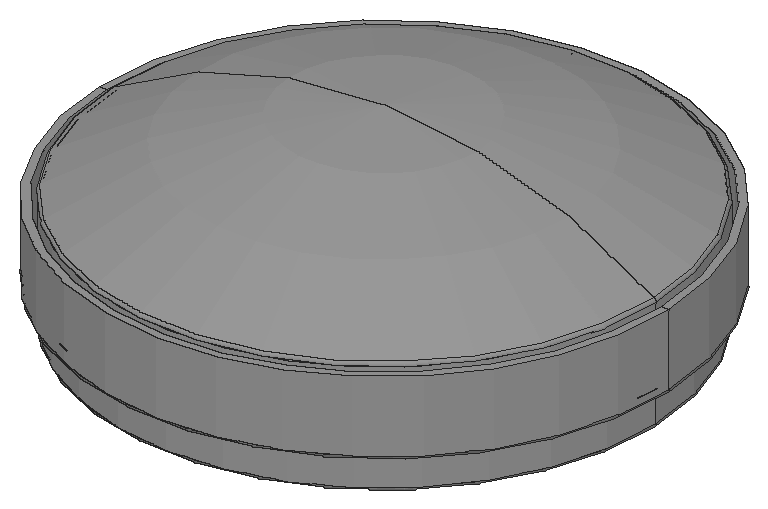
Revit family "3034766 Sylvania Lighting Fixture GIOTTO305 LED G2 4000K RECESSED 1-10V", category Lighting Fixtures, host Face, Revit 2016
Family settings
  Host = Face
  Part Type = Normal
  Round Connector Dimension = Use Diameter
  OmniClass Number = 23.80.70.00
  OmniClass Title = Lighting
  Cut with Voids When Loaded = No
  Light Source = Yes
  Shared = No
  Room Calculation Point = No
Parameters (values of type "3034766 GIOTTO305 LED G2 4000K RECESSED 1-10V")
  Weight = "1.11 kg"
  Wattage Comments = ""
  Wattage = 19 W
  WarrantyStartDate [instance] = "n/a"
  WarrantyGuarantorParts = "n/a"
  WarrantyDurationUnit = "n/a"
  WarrantyDurationParts = "n/a"
  WarrantyDescription = "n/a"
  built-in parameter 1150110 = 1 (stored number, unit not read)
  Voltage = 0 V
  URL = "http://www.sylvania-lighting.com"
  TypeName = "GIOTTO305 LED G2 4000K RECESSED 1-10V"
  Type Image = <None>
  Type Comments = "n/a"
  built-in parameter 1114217 = 1 (stored number, unit not read)
  Tilt Angle = -90.00°
  built-in parameter 1150109 = 1 (stored number, unit not read)
  built-in parameter 1150134 = 12
  built-in parameter 1150113 = 1 (stored number, unit not read)
  SerialNumber [instance] = "n/a"
  Photometric Web File = "3034766.ies"
  Material_3_SYL = LED-Sylvania
  PowerFactor = 0
  PowerConsumption = "19 W"
  NominalLength = 305 mm
  NominalHeight = 104 mm
  NominalDepth = 305 mm
  Name = "GIOTTO305 LED G2 4000K RECESSED 1-10V"
  ModelReference = Name  # "GIOTTO305 LED G2 4000K RECESSED 1-10V"
  ModelNumber = "3034766"
  Model = Name  # "GIOTTO305 LED G2 4000K RECESSED 1-10V"
  Material = "polycarbonate housing, polycarbonate diffuser"
  ManufacturerName = "Feilo Sylvania"
  Manufacturer = "Feilo Sylvania"
  LuminousEfficacy = "89 lm/W"
  built-in parameter 1150105 = 134.57 (stored number, unit not read)
  Lumens = 1691 lm
  LuminaireType = ""
  built-in parameter 1150115 = 1 (stored number, unit not read)
  LightOutputRatio = "n/a"
  built-in parameter 1150137 = (empty or 0)
  built-in parameter 1150139 = (empty or 0)
  LampsType = Lamp  # "LED"
  LampNominalLuminous = "1690 lm"
  LampMacAdamStep = "n/a"
  LampColourTemperature = "4000 K"
  LampColourRenderingIndex = "80"
  built-in parameter 1150112 = 1 (stored number, unit not read)
  built-in parameter 1150114 = 1 (stored number, unit not read)
  Lamp = "LED"
  Keynote = "16500"
  InstallationDate [instance] = "n/a"
  InputVoltage = "n/a"
  InputNominalFrequency = "n/a"
  built-in parameter 1150132 = (empty or 0)
  built-in parameter 1150102 = (empty or 0)
  built-in parameter 1150107 = 4000 (stored number, unit not read)
  built-in parameter 1150138 = (empty or 0)
  IngressProtection = "IP44"
  ImpactProtectionIndex = "IK10"
  built-in parameter 1150106 = 1.3457 (stored number, unit not read)
  IfcExportType = "IfcLightFixtureType"
  IfcExportAs = "IfcLightFixtureType"
  Height_SYL = 104 mm
  ExpectedLife = 50000
  Emit from Circle Diameter = 317 mm
  Emit Shape Visible in Rendering = no
  ElectricShockClassification = "Class I"
  built-in parameter 1150104 = 8.2684 (stored number, unit not read)
  DurationUnit = "hours"
  DocumentationLiterature = "http://www.sylvania-lighting.com/product/en-int/products/3034766"
  DimmingControlOptions = "n/a"
  Material_2_SYL = Polycarbonate_Sylvania_Giotto_Opal
  Dimming Lamp Color Temperature Shift = <None>
  DiffuserRadius_SYL = 282.611 mm
  Diameter_SYL = 305 mm
  Description = "Ambient and decorative round, recessed mounted LED bulkhead luminaire. White robust polycarbonate body with opal diffuser, 1690 lm, 19W, 89lm/W, 4000K, CRI 80, 1-10V dimmable, 50,000 hours lumen maintenance. Drive current: 700mA, IP44, IK10, Class I, 220-240V, Energy class: A++, A+, A."
  Default Elevation = 1219.2 mm
  CreatedOn = "11/7/2018"
  CreatedBy = "@sylvania-lighting.com"
  Cost = 0
  Color Filter = 16777215
  built-in parameter 1114216 [instance] = (empty or 0)
  ClassificationValue = "EF_70_80"
  ClassificationName = "Uniclass2015"
  Material_1_SYL = Polycarbonate_Sylvania_Giotto_White
  BarCode [instance] = "n/a"
  built-in parameter 1114218 = 1 (stored number, unit not read)
  built-in parameter 1150133 = 10 (stored number, unit not read)
  AssetType = "Fixed"
  AssetIdentifier [instance] = "n/a"
  Assembly Code = "D5020200"
  Apparent Load = 19 VA
  Material_4_SYL = none
Reference planes
  plane 1 "Center (Front/Back)": y = 0
  plane 2: z = 0
  plane 3 "Center (Left/Right)": x = 0
  plane 4: x = 152.5
  plane 5: x = -152.5
  plane 6: x = -145.5
  plane 7: x = -148.5
  plane 8: z = 104
  plane 9: z = 59
  plane 10: z = 19
  plane 11: z = 24
  plane 12: x = -150.9
  plane 13: z = 20.6
  plane 14: z = 1.6
  plane 15: x = -143.9
  plane 16: z = 18
  plane 17: x = -146.5
  plane 18: z = 25
  plane 19: z = 61
Forms (mm)
  Revolve 1, solid, material "Polycarbonate_Sylvania_Giotto_White" <- "Material_1_SYL"
    sketch origin (0, 0, 0) x (1, 0, 0) y (0, 0, 1)
      loop
        line (0, 0) -> (0, 25) -> (-143.9, 25) -> (-143.9, 24) -> (-148.5, 24) -> (-148.5, 59) -> (-152.5, 59) -> (-152.5, 20.6)
        arc (-152.5, 20.6) -> (-152.031, 19.469) -> (-150.9, 19) r 1.6
        line (-150.9, 19) -> (-146.5, 19)
        arc (-146.5, 19) -> (-145.793, 18.707) -> (-145.5, 18) r 1
        line (-145.5, 18) -> (-145.5, 1.6)
        arc (-145.5, 1.6) -> (-145.031, 0.469) -> (-143.9, 0) r 1.6
        line (-143.9, 0) -> (0, 0)
      axis (0, 59) -> (0, 0)
    angle from 360 to 0
  Revolve 2, solid, material "Polycarbonate_Sylvania_Giotto_Opal" <- "Material_2_SYL"
    sketch origin (0, 0, 0) x (1, 0, 0) y (0, 0, 1)
      loop
        line (-145.5, 24) -> (-143.9, 24) -> (-143.9, 59.636)
        arc (-143.9, 59.636) -> (-143.79, 60.068) -> (-143.485, 60.394) r 0.9
        arc (-143.485, 60.394) -> (-74.754, 91.683) -> (0, 102.4) r 266.066
        line (0, 102.4) -> (0, 104)
        arc (0, 104) -> (-75.203, 93.218) -> (-144.348, 61.742) r 267.666
        arc (-144.348, 61.742) -> (-145.193, 60.836) -> (-145.5, 59.636) r 2.5
        line (-145.5, 59.636) -> (-145.5, 24)
      axis (0, 104) -> (0, 24)
    angle from 360 to 0
Dimensions and locks
  equal spacing: plane 4, plane 3 "Center (Left/Right)", plane 5
  "Diameter_SYL": plane 4 to plane 5
  locked: plane 6 to plane 5 at 7
  locked: plane 7 to plane 5 at 4
  "Height_SYL": plane 8 to plane 2
  locked: plane 8 to plane 9 at 45
  locked: plane 9 to plane 10 at 40
  Revolve 1 sketch curve to Revolve 1 sketch curve = 4.4 mm
  locked: plane 11 to plane 10 at 5
  locked: plane 12 to plane 5 at 1.6
  locked: plane 13 to plane 10 at 1.6
  locked: plane 14 to plane 2 at 1.6
  locked: plane 15 to plane 6 at 1.6
  locked: plane 6 to plane 17 at 1
  locked: plane 10 to plane 16 at 1
  locked: plane 18 to plane 11 at 1
  locked: plane 19 to plane 9 at 2
  aligned and locked: plane 2 to host face
  aligned and locked: level to host face
  aligned and locked: Revolve 1 sketch curve to plane 3 "Center (Left/Right)"
  aligned and locked: level to Revolve 1 sketch curve
  aligned and locked: Revolve 1 sketch curve to plane 10
  aligned and locked: plane 9 to Revolve 1 sketch curve
  aligned and locked: Revolve 1 sketch curve to plane 7
  aligned and locked: plane 12 to Revolve 1 sketch curve  (x2)
  aligned and locked: plane 13 to Revolve 1 sketch curve  (x2)
  aligned and locked: plane 15 to Revolve 1 sketch curve  (x3)
  aligned and locked: plane 14 to Revolve 1 sketch curve  (x2)
  aligned and locked: plane 3 "Center (Left/Right)" to imposter light
  aligned and locked: imposter light to plane 1 "Center (Front/Back)"
  aligned and locked: plane 18 to Revolve 1 sketch curve
  aligned and locked: plane 11 to Revolve 1 sketch curve
  aligned and locked: imposter light to plane 8
  aligned and locked: plane 6 to Revolve 1 sketch curve
  aligned and locked: plane 17 to Revolve 1 sketch curve
  aligned and locked: plane 16 to Revolve 1 sketch curve
  aligned and locked: Revolve 2 sketch curve to plane 3 "Center (Left/Right)"
  aligned and locked: plane 6 to Revolve 2 sketch curve
  aligned and locked: plane 3 "Center (Left/Right)" to Revolve 2 sketch curve
  aligned and locked: plane 11 to Revolve 2 sketch curve
  aligned and locked: Revolve 2 sketch curve to imposter light
Automatic sketch dimensions
  host sketch curve to host sketch curve = 2438.4 mm  (x2)
  Revolve 1 sketch curve to plane 3 "Center (Left/Right)" = 0 mm
  Revolve 1 sketch curve to level = 609.6 mm
  Revolve 1 sketch curve to plane 8 = 2499.058 mm
  Revolve 2 sketch curve to Revolve 2 sketch curve = 0 mm  (x4)
  Revolve 2 sketch curve to plane 15 = 0 mm
  Revolve 2 sketch curve to plane 8 = 0 mm
  plane 15 to Revolve 2 sketch curve = 0.9 mm
  Revolve 2 sketch curve to level = 163.666 mm
  Revolve 2 sketch curve to plane 9 = 0.636 mm
  Revolve 2 sketch curve to Revolve 2 sketch curve = 445.934 mm
  Revolve 2 sketch curve to plane 8 = 2505.058 mm
Connectors
  electrical at (0, 0, 0), driven by "Apparent Load", driven by "PowerFactor", driven by "Voltage"
    settings: index 1, voltage 0 V, apparent load 19 VA, apparent load phase1 0 VA, apparent load phase2 0 VA, apparent load phase3 0 VA, power factor 0, load classification "Lighting", number of poles 1, system type 30, power factor state 1, is connector primary yes, connector utility no, sub classification motor no, connector description ""
